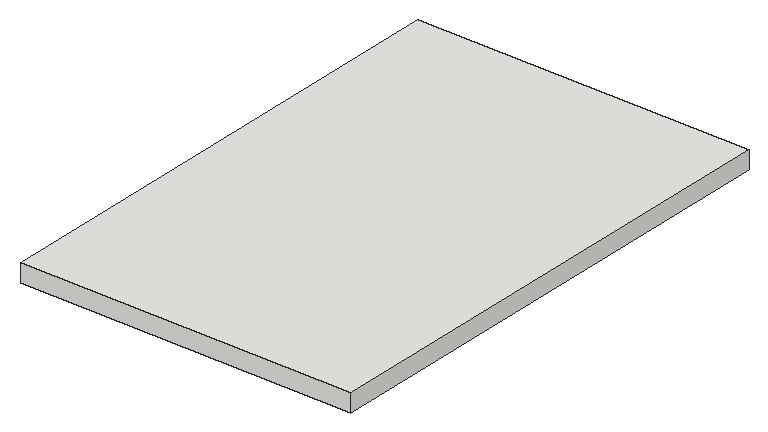
Revit family "SURVIVOR069xxWS8xxSx", category Leuchten, Revit 2017
Family settings
  Basisbauteil = Fläche
  Bemaßung runder Anschluss = Durchmesser verwenden
  Teiletyp = Normal
  OmniClass-Nummer = 23.80.70.11
  OmniClass-Titel = Luminaries for Internal Lighting
  Beim Laden mit Abzugskörper schneiden = Nein
  Lichtquelle = Ja
  Gemeinsam genutzt = Nein
  Raumberechnungspunkt = Nein
Parameters (values of type "SURVIVOR069DAWS830S0250")
  width = 240 mm  # constant formula
  weight = "6.2"
  voltage type (AC, DC, UC) = "AC"
  rated input power = 19
  product name = "SURVIVOR069DAWS830S0250"
  nominal voltage = "230"
  nominal frequency = "50-60Hz"
  length = 690 mm  # constant formula
  ingress protection (IP) code = "IP65"
  height = 73 mm  # constant formula
  electrical safety class = "1"
  control gear = ""
  conformity mark = "CE"  # constant formula
  brand = "RIDI"
  approval mark = ""
  built-in parameter 1150104 = 13.8 (stored number, unit not read)
  Wattage = 17.5035 W
  Von Breite des Rechtecks ausssenden = 618 mm
  Von Länge des Rechtecks aussenden = 181 mm  # constant formula
  Default Elevation = 0 mm
  built-in parameter 1150113 = 1 (stored number, unit not read)
  built-in parameter 1114218 = 1 (stored number, unit not read)
  URL = "www.ridi.de"
  built-in parameter 1150134 = (empty or 0)
  built-in parameter 1150109 = 1 (stored number, unit not read)
  built-in parameter 1150110 = 1 (stored number, unit not read)
  Apparent Load = 19 VA
  Tilt Angle = 90.00°
  Modell = "0632203"
  built-in parameter 1114217 = 1 (stored number, unit not read)
  built-in parameter 1150139 = (empty or 0)
  built-in parameter 1150105 = 206.9 (stored number, unit not read)
  built-in parameter 1150114 = 1 (stored number, unit not read)
  Lumens = 2600 lm
  built-in parameter 1150115 = 1 (stored number, unit not read)
  built-in parameter 1150112 = 1 (stored number, unit not read)
  Lampe = "LED"
  Hersteller = "RIDI Leuchten GmbH"  # constant formula
  Dimming Lamp Color Temperature Shift = (empty or 0)
  Color Filter = 16777215
  built-in parameter 1150133 = 10 (stored number, unit not read)
  Emit Shape Visible in Rendering = no
  built-in parameter 1150137 = (empty or 0)
  built-in parameter 1150132 = 2
  Datei für fotometrisches Netz = "SURVIVOR160DAWS840S0700.IES"
  Copyright = "© RIDI. All rights reserved."  # constant formula
  built-in parameter 1150106 = 2.069 (stored number, unit not read)
  Baugruppenkennzeichen = "D5020200"
  built-in parameter 1150107 = 3000 (stored number, unit not read)
  built-in parameter 1150102 = (empty or 0)
  built-in parameter 1150138 = (empty or 0)
Types (5, lengths in mm): name | product name | Wattage | built-in parameter 1150134 | Modell | built-in parameter 1150105 | Lumens | built-in parameter 1150106 | built-in parameter 1150107
  (no name) | "SURVIVOR069DAWS830S0250" | 17.5035 W | (empty or 0) | "0632203" | 206.9 (stored number, unit not read) | 2600 lm | 2.069 (stored number, unit not read) | 3000 (stored number, unit not read)
  SURVIVOR069DAWS830S0250 | "SURVIVOR069DAWS830S0250" | 17.5035 W | (empty or 0) | "0632203" | 206.9 (stored number, unit not read) | 2600 lm | 2.069 (stored number, unit not read) | 3000 (stored number, unit not read)
  SURVIVOR069NDWS830S0250-RF | "SURVIVOR069NDWS830S0250-RF" | 17.5035 W | (empty or 0) | "0622203//420" | 206.9 (stored number, unit not read) | 2600 lm | 2.069 (stored number, unit not read) | 3000 (stored number, unit not read)
  SURVIVOR069DAWS840S0250 | "SURVIVOR069DAWS840S0250" | 18.446 W | 12 | "0632207" | 218.04 (stored number, unit not read) | 2740 lm | 2.1804 (stored number, unit not read) | 4000 (stored number, unit not read)
  SURVIVOR069NDWS840S0250-RF | "SURVIVOR069NDWS840S0250-RF" | 18.446 W | 12 | "0622207//420" | 218.04 (stored number, unit not read) | 2740 lm | 2.1804 (stored number, unit not read) | 4000 (stored number, unit not read)
Reference planes
  plane 1 "Mitte (Vorne/hinten)": y = 0
  plane 2: z = 0
  plane 3 "Mitte (Links/rechts)": x = 0
  plane 4: z = 1200
Forms (mm)
  Extrusion 1, solid
    sketch origin (219.2, 280.8, 0) x (1, 0, 0) y (0, 1, 0)
      loop
        line (-1219.2, 1219.2) -> (-1219.2, -1780.8) -> (780.8, -1780.8) -> (780.8, 1219.2) -> (-1219.2, 1219.2)
    from 0 to -107.307
Dimensions and locks
  plane 4 to Extrusion 1 = 1200 mm
  aligned and locked: plane 2 to Extrusion 1
  aligned and locked: level to Extrusion 1
Connectors
  electrical at (-52.76, 315.65, 2.235), driven by "Apparent Load"
    settings: on import instance, index 1, voltage 230 V, apparent load 0 VA, apparent load phase1 19 VA, apparent load phase2 0 VA, apparent load phase3 0 VA, power factor 1, load classification "Lighting", number of poles 1, system type 31, power factor state 1, is connector primary yes, connector utility no, sub classification motor no, connector description ""
